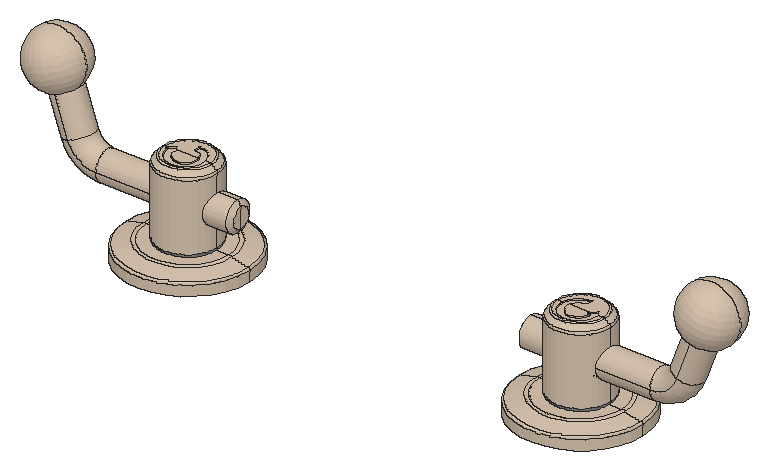
Revit family "Faucet-Wall_Mount-Handle-KALLISTA-Vice-P34872_1", category Plumbing Fixtures, host Face, Revit 2021
Family settings
  Host = Face
  Round Connector Dimension = Use Diameter
  Part Type = Normal
  OmniClass Number = 23.31.11.00
  OmniClass Title = Faucets
  Cut with Voids When Loaded = No
  Shared = No
  Room Calculation Point = No
Parameters (values of type "Brushed French Gold Accent, AF-French Gold")
  Width = 8"  # constant formula
  WaterSense Certified = 1 = 0  # no
  Waste Water Outlet = "Waste Water Outlet"  # constant formula
  Waste Connection = 1 = 0  # no
  Vent Connection = 1 = 0  # no
  URL = "https://www.kallista.com/"
  Type = 1
  Secondary Finish = Kallista-Plastic-BAF-Brushed_French_Gold
  Product Page URL = ""
  Product Name = "Vice"  # constant formula
  Product Documentation Link = ""
  Pressure = 0.00 psi  # constant formula
  Model = if(Type = 1, "P34872-BAF-AF", if(Type = 2, "P34872-BN-SN", if(Type = 3, "P34872-BV-CP", if(Type = 4, "P34872-CP-CP", if(Type = 5, "P34872-BN-BGP", "NA")))))  # "P34872-BAF-AF"
  Material = "Premium Metal Construction"  # constant formula
  Master Format 2014 Name = "Residential Faucets, Supplies, and Trim"  # constant formula
  Master Format 2014 = "22 41 39"  # constant formula
  Manufacturer Address = "444 Highland Dr, Kohler, WI 53044"  # constant formula
  Manufacturer = "Kallista Co."  # constant formula
  Length = 3.31496"  # constant formula
  Hot Water Inlet = "Hot Water Inlet"  # constant formula
  Height = 2.51969"  # constant formula
  Handle Clearance = 3.24409"  # constant formula
  HW Connection = 1 = 1  # yes
  Flow Rate = 0 GPM  # constant formula
  Finish = Kallista-Metal-AF-French_Gold
  Environmental Product Declaration = ""
  Drain Included = 1 = 1  # yes
  Description = "Wall Mount Bath Faucet, Handle Crank"  # constant formula
  Default Elevation = 36"
  Declare Label = ""
  Date Modified = "04/24/2024"  # constant formula
  Date Created = "04/24/2024"  # constant formula
  Copyright = "Copyright Kallista Co."  # constant formula
  Contact Us = "https://www.kallista.com/corporate/contact-us/"
  Cold Water Inlet = "Cold Water Inlet"  # constant formula
  CW Connection = 1 = 1  # yes
  Assembly Code = "D2010"
  ADA Compliant = 1 = 0  # no
Types (6): name | Type | Secondary Finish | Model | Finish
  (no name) | 1 | Kallista-Plastic-BAF-Brushed_French_Gold | "P34872-BAF-AF" | Kallista-Metal-AF-French_Gold
  Brushed French Gold Accent, AF-French Gold | 1 | Kallista-Plastic-BAF-Brushed_French_Gold | "P34872-BAF-AF" | Kallista-Metal-AF-French_Gold
  Vibrant Brushed Nickel Accent, SN-Polished Nickel | 2 | Kallista-Plastic-BN-Vibrant_Brushed_Nickel | "P34872-BN-SN" | Kallista-Metal-SN-Polished_Nickel
  Chrome Accent, CP-Chrome | 4 | Kallista-Plastic-CP-Chrome | "P34872-CP-CP" | Kallista-Metal-CP-Chrome
  Vibrant Brushed Nickel Accent, BGP | 5 | Kallista-Plastic-BN-Vibrant_Brushed_Nickel | "P34872-BN-BGP" | Kallista-Metal-BGP
  Brushed Bronze Accent, CP-Chrome | 3 | Kallista-Plastic-BV-Brushed_Bronze | "P34872-BV-CP" | Kallista-Metal-CP-Chrome
Reference planes (in)
  plane 1 "Center (Front/Back)": y = 0
  plane 2: z = 0
  plane 3 "Center (Left/Right)": x = 0
  plane 4: y = 1.12598
  plane 5: y = -1.12598
  plane 6: y = -0.55118
  plane 7: y = 0.55118
  plane 8: z = 2.51969
  plane 9: z = 0.3338
  plane 10: x = -4
  plane 11: x = 4
  plane 12: x = -5.12598
  plane 13: x = -2.87402
  plane 14: x = 2.87402
  plane 15: x = 5.12598
  plane 16: x = 5.47638
  plane 17: x = 5.72441
  plane 18: z = 2.08661
  plane 19: z = 1.53543
  plane 20: z = 1.14173
  plane 21: x = -7.24409
  plane 22: x = 7.24409
  plane 23: z = 3.31496
  plane 24: y = 1.25984
  plane 25: y = -1.25984
  plane 26: x = 2.74016
  plane 27: x = 5.25984
  plane 28: x = -5.25984
  plane 29: x = -2.74016
  plane 30: z = 0.80709
  plane 31: z = 1.40551
  plane 32: x = -4.59978
  plane 33: x = -3.40022
  plane 34: x = 4.59978
  plane 35: x = 3.40022
Dimensions and locks (in)
  equal spacing: plane 10, plane 3 "Center (Left/Right)", plane 11
  "Width": plane 10 to plane 11
  locked: plane 12 to plane 10 at 1.12598
  locked: plane 10 to plane 13 at 1.12598
  locked: plane 14 to plane 11 at 1.12598
  plane 11 to plane 15 = 1.12598"
  plane 11 to plane 16 = 1.47638"
  plane 4 to plane 5 = 2.25197"
  plane 18 to level = 2.08661"  (x2)
  plane 20 to level = 1.14173"  (x2)
  plane 21 to plane 10 = 3.24409"
  plane 11 to plane 22 = 3.24409"
  "Handle Clearance": plane 10 to plane 21
  "Handle Clearance": plane 22 to plane 11
  plane 28 to plane 10 to plane 29 = 1.25984", 1.25984"
  plane 26 to plane 11 to plane 27 = 1.25984", 1.25984"
  "Height": plane 25 to plane 24
  "Length": level to plane 23
  plane 21 to plane 29 = 4.50394"
  plane 26 to plane 22 = 4.50394"
  plane 23 to level = 3.31496"
  plane 31 to plane 30 = 0.59843"
  equal spacing: plane 32, nested 1, plane 33
  plane 32 to plane 33 = 1.19955"
  plane 34 to plane 35 = 1.19955"  (x2)
  equal spacing: plane 34, nested 2, plane 35
  aligned and locked: plane 2 to host face
  aligned and locked: level to host face
  aligned and locked: plane 10 to nested 1
  aligned and locked: plane 11 to nested 2
  aligned and locked: nested 2 to plane 1 "Center (Front/Back)"
Automatic sketch dimensions
  host sketch curve to host sketch curve = 96"  (x2)
Nested families (in)
  nested 1: "P34872" at (-4, 0, 0), type "P34872"
  nested 2: "P34872" at (4, 0, 0) x (-1, 0, 0) z (0, 0, 1), type "P34872"
Connectors (in)
  piping at (-4, 0, 0), diameter 0.75, driven by "Flow Rate", driven by "Pressure", driven by "HW Connection", driven by "Hot Water Inlet"
    settings: on nested 1, index 3, connector inside diameter 24", connector length 0", flow factor 0, pipe flow 0 GPM, pressure drop 0.00 psi, fitting loss kfactor 0, connector angle 0.00°, fixture units 0, engagement length 0", angle of deflection 0.00°, flow configuration 1, flow direction 1, fitting loss method 4, system type 19, joint type 0, gender type 0, connector reference index -1, connector utility 1, adjustable connector no, is connector primary yes, connector description "Hot Water Inlet"
  piping at (4, 0, 0), diameter 0.75, driven by "Flow Rate", driven by "Pressure", driven by "CW Connection", driven by "Cold Water Inlet"
    settings: on nested 2, index 4, connector inside diameter 24", connector length 0", flow factor 0, pipe flow 0 GPM, pressure drop 0.00 psi, fitting loss kfactor 0, connector angle 0.00°, fixture units 0, engagement length 0", angle of deflection 0.00°, flow configuration 1, flow direction 1, fitting loss method 4, system type 20, joint type 0, gender type 0, connector reference index -1, connector utility 1, adjustable connector no, is connector primary no, connector description "Cold Water Inlet"
Definition of nested family "P34872"
  Parameters (values of type "P34872")
    Secondary Finish = none
    Material = none
    Default Elevation = 0"
  Reference planes (in)
    plane 1 "Center (Front/Back)": y = 0
    plane 2: z = 0
    plane 3 "Center (Left/Right)": x = 0
    plane 4: x = -1.25984
    plane 5: y = 1.25984
    plane 6: x = -3.24409
    plane 7: z = 0.80709
    plane 8: z = 1.40551
    plane 9: z = 3.31496
    plane 10: z = 1.1063
    plane 11: y = -1.25984
    plane 12: x = 1.25984
  Forms (in)
    Revolve 1, solid, material <- "Material", detail levels medium+fine
      sketch origin (0, 0, 0) x (1, 0, 0) y (0, 0, 1)
        loop
          line (0, 1.88448) -> (-0.4605, 1.88448)
          arc (-0.4605, 1.88448) -> (-0.47748, 1.8811) -> (-0.49188, 1.87148) r 0.04438
          line (-0.49188, 1.87148) -> (-0.58127, 1.78208)
          arc (-0.58127, 1.78208) -> (-0.59556, 1.76069) -> (-0.60058, 1.73547) r 0.06593
          line (-0.60058, 1.73547) -> (-0.60058, 0.39039)
          arc (-0.60058, 0.39039) -> (-0.5914, 0.35768) -> (-0.56654, 0.33452) r 0.06286
          line (-0.56654, 0.33452) -> (-0.8298, 0.33452)
          arc (-0.8298, 0.33452) -> (-0.86754, 0.33222) -> (-0.90471, 0.32532) r 0.30968
          line (-0.90471, 0.32532) -> (-1.22576, 0.24528)
          arc (-1.22576, 0.24528) -> (-1.25031, 0.22934) -> (-1.25984, 0.20166) r 0.04496
          line (-1.25984, 0.20166) -> (-1.25984, 0) -> (0, 0) -> (0, 1.88448)
        axis (0, 0) -> (0, 1.88448)
      angle from 0 to 360
    Revolve 2, solid, material <- "Secondary Finish", detail levels medium+fine
      sketch origin (0, 0, 0) x (1, 0, 0) y (0, 0, 1)
        loop
          line (1.08422, 1.1063) -> (1.08422, 1.30315) -> (1.01255, 1.40551) -> (-0.32659, 1.40551) -> (-0.32659, 1.1063) -> (1.08422, 1.1063)
        axis (-0.32659, 1.1063) -> (1.08422, 1.1063)
      angle from 0 to 360
    Sweep 3, solid, material <- "Secondary Finish"
      path origin (0, 0, 0) x (1, 0, 0) y (0, 0, 1)
        loop
          line (-0.3937, 1.40551) -> (-1.64005, 1.40551)
          arc (-1.64005, 1.40551) -> (-1.80952, 1.45894) -> (-1.91769, 1.59991) r 0.29545
          line (-1.91769, 1.59991) -> (-2.22994, 2.45782)
      profile origin (-1.01688, 0, 1.40551) x (0, 0, -1) y (0, -1, 0)
        loop
          circle (0.29921, 0) r 0.29921
    Revolve 4, solid, material <- "Secondary Finish"
      sketch origin (0, 0, 0) x (1, 0, 0) y (0, 0, 1)
        loop
          arc (-2.46368, 2.16165) -> (-2.09723, 2.9123) -> (-2.84787, 3.27875) r 0.59066
          line (-2.84787, 3.27875) -> (-2.46368, 2.16165)
        axis (-2.46368, 2.16165) -> (-2.84787, 3.27875)
      angle from 0 to 360
    Revolve 5, solid, material <- "Material", detail levels coarse
      sketch origin (0, 0, 0) x (1, 0, 0) y (0, 0, 1)
        loop
          line (0, 1.88448) -> (-0.60058, 1.88448) -> (-0.60058, 0.33452) -> (-0.86782, 0.33452) -> (-1.25984, 0.23678) -> (-1.25984, 0) -> (0, 0) -> (0, 1.88448)
        axis (0, 0) -> (0, 1.88448)
      angle from 0 to 360
    Revolve 6, solid, material <- "Secondary Finish", detail levels coarse
      sketch origin (0, 0, 0) x (1, 0, 0) y (0, 0, 1)
        loop
          line (1.08422, 1.1063) -> (1.08422, 1.40551) -> (-0.32659, 1.40551) -> (-0.32659, 1.1063) -> (1.08422, 1.1063)
        axis (-0.32659, 1.1063) -> (1.08422, 1.1063)
      angle from 0 to 360
    Sweep 7, solid, material <- "Secondary Finish", detail levels coarse
      path origin (0, 0, 0) x (1, 0, 0) y (0, 0, 1)
        loop
          line (-0.3937, 1.40551) -> (-1.64005, 1.40551)
          arc (-1.64005, 1.40551) -> (-1.80952, 1.45894) -> (-1.91769, 1.59991) r 0.29545
          line (-1.91769, 1.59991) -> (-2.22994, 2.45782)
      profile origin (-1.01688, 0, 1.40551) x (0, 0, -1) y (0, -1, 0)
        loop
          circle (0.29921, 0) r 0.29921
    Revolve 8, solid, material <- "Secondary Finish", detail levels coarse
      sketch origin (0, 0, 0) x (1, 0, 0) y (0, 0, 1)
        loop
          arc (-2.46368, 2.16165) -> (-2.09723, 2.9123) -> (-2.84787, 3.27875) r 0.59066
          line (-2.84787, 3.27875) -> (-2.46368, 2.16165)
        axis (-2.46368, 2.16165) -> (-2.84787, 3.27875)
      angle from 0 to 360
    Extrusion 9, void
      sketch origin (-1.98687, -1.47638, 0) x (1, 0, 0) y (0, 1, 0)
        loop
          arc (1.58268, 1.43336) -> (1.58272, 1.41813) -> (1.59739, 1.41405) r 0.01261
          arc (1.59739, 1.41405) -> (1.61344, 1.41249) -> (1.62152, 1.39854) r 0.01764
          arc (1.62152, 1.39854) -> (2.24262, 1.15812) -> (2.00652, 1.78088) r 0.36463
          arc (2.00652, 1.78088) -> (1.99153, 1.77541) -> (1.98521, 1.76075) r 0.02016
          line (1.98521, 1.76075) -> (1.98521, 1.66402)
          arc (1.98521, 1.66402) -> (1.99072, 1.64987) -> (2.00436, 1.64318) r 0.02092
          arc (2.00436, 1.64318) -> (2.14438, 1.25506) -> (1.75867, 1.40159) r 0.22704
          arc (1.75867, 1.40159) -> (1.7652, 1.41527) -> (1.78028, 1.41677) r 0.01544
          arc (1.78028, 1.41677) -> (1.79449, 1.42031) -> (1.79466, 1.43496) r 0.01198
          line (1.79466, 1.43496) -> (1.70357, 1.55585)
          arc (1.70357, 1.55585) -> (1.68928, 1.56297) -> (1.67498, 1.55585) r 0.0179
          line (1.67498, 1.55585) -> (1.58268, 1.43336)
      from 1.86604 to 9.84252
  Cuts and joins
    Extrusion 9 cuts Revolve 1
  Lines and regions (in)
    Masking region 1
      outline origin (0, 0, 0) x (1, 0, 0) y (0, 1, 0)
        loop
          line (-1.22388, 0.29885) -> (-2.1571, 0.29885)
          arc (-2.1571, 0.29885) -> (-2.81718, 0.57347) -> (-3.24409, 0) r 0.58111
          arc (-3.24409, 0) -> (-2.81718, -0.57347) -> (-2.1571, -0.29885) r 0.58111
          line (-2.1571, -0.29885) -> (-1.22388, -0.29885)
          arc (-1.22388, -0.29885) -> (-0.77922, -0.98996) -> (-0.00299, -1.25984) r 1.25984
          arc (-0.00299, -1.25984) -> (0.8883, -0.89338) -> (1.25984, -0.0042) r 1.25984
          arc (1.25984, -0.0042) -> (0.89405, 0.88763) -> (0.00487, 1.25983) r 1.25984
          arc (0.00487, 1.25983) -> (-0.77613, 0.99239) -> (-1.22388, 0.29885) r 1.25984
    Masking region 2
      outline origin (0, 0, 0) x (1, 0, 0) y (0, 0, 1)
        loop
          line (0, 0) -> (1.25984, 0) -> (1.25984, 0.19464)
          arc (1.25984, 0.19464) -> (1.24714, 0.23154) -> (1.21441, 0.25279) r 0.05993
          line (1.21441, 0.25279) -> (0.92545, 0.32484)
          arc (0.92545, 0.32484) -> (0.88572, 0.3322) -> (0.84539, 0.33467) r 0.33094
          line (0.84539, 0.33467) -> (0.57673, 0.33467)
          arc (0.57673, 0.33467) -> (0.59357, 0.35045) -> (0.59978, 0.37266) r 0.04285
          line (0.59978, 0.37266) -> (0.59978, 0.80709) -> (0.98342, 0.80709)
          arc (0.98342, 0.80709) -> (1.00164, 0.81128) -> (1.0162, 0.823) r 0.0417
          line (1.0162, 0.823) -> (1.07076, 0.89234)
          arc (1.07076, 0.89234) -> (1.08076, 0.91065) -> (1.08422, 0.93122) r 0.06287
          line (1.08422, 0.93122) -> (1.08422, 1.1063) -> (1.08422, 1.28138)
          arc (1.08422, 1.28138) -> (1.08076, 1.30195) -> (1.07076, 1.32026) r 0.06287
          line (1.07076, 1.32026) -> (1.0162, 1.3896)
          arc (1.0162, 1.3896) -> (1.00164, 1.40132) -> (0.98342, 1.40551) r 0.0417
          line (0.98342, 1.40551) -> (0.59978, 1.40551) -> (0.59978, 1.74262)
          arc (0.59978, 1.74262) -> (0.59648, 1.75919) -> (0.58709, 1.77325) r 0.04332
          line (0.58709, 1.77325) -> (0.47944, 1.88089)
          arc (0.47944, 1.88089) -> (0.46406, 1.89117) -> (0.44592, 1.89478) r 0.04742
          line (0.44592, 1.89478) -> (0, 1.89478) -> (-0.44592, 1.89478)
          arc (-0.44592, 1.89478) -> (-0.46406, 1.89117) -> (-0.47944, 1.88089) r 0.04742
          line (-0.47944, 1.88089) -> (-0.58709, 1.77325)
          arc (-0.58709, 1.77325) -> (-0.59648, 1.75919) -> (-0.59978, 1.74262) r 0.04332
          line (-0.59978, 1.74262) -> (-0.59978, 1.40551) -> (-1.62105, 1.40551)
          arc (-1.62105, 1.40551) -> (-1.80694, 1.46412) -> (-1.9256, 1.61875) r 0.32409
          line (-1.9256, 1.61875) -> (-2.18394, 2.32856)
          arc (-2.18394, 2.32856) -> (-2.84311, 3.28103) -> (-2.76004, 2.12569) r 0.6004
          line (-2.76004, 2.12569) -> (-2.49795, 1.40561)
          arc (-2.49795, 1.40561) -> (-2.16492, 0.97159) -> (-1.64317, 0.80709) r 0.90964
          line (-1.64317, 0.80709) -> (-0.59978, 0.80709) -> (-0.59978, 0.37266)
          arc (-0.59978, 0.37266) -> (-0.59357, 0.35045) -> (-0.57673, 0.33467) r 0.04285
          line (-0.57673, 0.33467) -> (-0.84539, 0.33467)
          arc (-0.84539, 0.33467) -> (-0.88572, 0.3322) -> (-0.92545, 0.32484) r 0.33094
          line (-0.92545, 0.32484) -> (-1.21441, 0.25279)
          arc (-1.21441, 0.25279) -> (-1.24714, 0.23154) -> (-1.25984, 0.19464) r 0.05993
          line (-1.25984, 0.19464) -> (-1.25984, 0) -> (0, 0)
    Masking region 3
      outline origin (0, 0, 0) x (0, 1, 0) y (0, 0, 1)
        loop
          line (0, 0) -> (1.25984, 0) -> (1.25984, 0.19645)
          arc (1.25984, 0.19645) -> (1.24804, 0.23073) -> (1.21764, 0.25047) r 0.05567
          line (1.21764, 0.25047) -> (0.92265, 0.32402)
          arc (0.92265, 0.32402) -> (0.8802, 0.33189) -> (0.8371, 0.33452) r 0.35362
          line (0.8371, 0.33452) -> (0.56654, 0.33452)
          arc (0.56654, 0.33452) -> (0.59122, 0.35799) -> (0.6003, 0.3908) r 0.06379
          line (0.6003, 0.3908) -> (0.6003, 1.73988)
          arc (0.6003, 1.73988) -> (0.59599, 1.76157) -> (0.5837, 1.77996) r 0.05669
          line (0.5837, 1.77996) -> (0.49184, 1.87182)
          arc (0.49184, 1.87182) -> (0.47618, 1.88229) -> (0.4577, 1.88596) r 0.04828
          line (0.4577, 1.88596) -> (0.29932, 1.88596) -> (0.29932, 2.21533)
          arc (0.29932, 2.21533) -> (0.56982, 2.87951) -> (0, 3.31496) r 0.59055
          arc (0, 3.31496) -> (-0.56982, 2.87951) -> (-0.29932, 2.21533) r 0.59055
          line (-0.29932, 2.21533) -> (-0.29932, 1.88596) -> (-0.4577, 1.88596)
          arc (-0.4577, 1.88596) -> (-0.47618, 1.88229) -> (-0.49184, 1.87182) r 0.04828
          line (-0.49184, 1.87182) -> (-0.5837, 1.77996)
          arc (-0.5837, 1.77996) -> (-0.59599, 1.76157) -> (-0.6003, 1.73988) r 0.05669
          line (-0.6003, 1.73988) -> (-0.6003, 0.3908)
          arc (-0.6003, 0.3908) -> (-0.59122, 0.35799) -> (-0.56654, 0.33452) r 0.06379
          line (-0.56654, 0.33452) -> (-0.8371, 0.33452)
          arc (-0.8371, 0.33452) -> (-0.8802, 0.33189) -> (-0.92265, 0.32402) r 0.35362
          line (-0.92265, 0.32402) -> (-1.21764, 0.25047)
          arc (-1.21764, 0.25047) -> (-1.24804, 0.23073) -> (-1.25984, 0.19645) r 0.05567
          line (-1.25984, 0.19645) -> (-1.25984, 0) -> (0, 0)
    symbolic lines, detail levels medium+fine
      curve 1: arc (-2.1571, -0.29885, 0) -> (-2.06988, 0, 0) -> (-2.1571, 0.29885, 0) r 0.55555
      curve 2: circle (0, 0, 0) r 0.59055 normal (0, 0, 1)
      curve 3: circle (0, 0, 0) r 0.4945 normal (0, 0, 1)
      curve 4: line (-1.22388, 0.29885, 0) -> (-0.50935, 0.29885, 0)
      curve 5: line (-1.22388, -0.29885, 0) -> (-0.50935, -0.29885, 0)
      curve 6: line (0.50935, 0.29885, 0) -> (1.00217, 0.29885, 0)
      curve 7: line (1.08422, 0, 0) -> (1.08422, 0.18247, 0)
      curve 8: line (1.07597, 0.20863, 0) -> (1.0189, 0.29014, 0)
      curve 9: arc (1.00217, 0.29885, 0) -> (1.0116, 0.29654, 0) -> (1.0189, 0.29014, 0) r 0.02042
      curve 10: arc (1.08422, 0.18247, 0) -> (1.08211, 0.19619, 0) -> (1.07597, 0.20863, 0) r 0.0456
      curve 11: line (0.50935, -0.29885, 0) -> (1.00217, -0.29885, 0)
      curve 12: line (1.08422, 0, 0) -> (1.08422, -0.18247, 0)
      curve 13: line (1.07597, -0.20863, 0) -> (1.0189, -0.29014, 0)
      curve 14: arc (1.00217, -0.29885, 0) -> (1.0116, -0.29654, 0) -> (1.0189, -0.29014, 0) r 0.02042
      curve 15: arc (1.08422, -0.18247, 0) -> (1.08211, -0.19619, 0) -> (1.07597, -0.20863, 0) r 0.0456
      curve 16: arc (-2.1571, 0.29885, 0) -> (-1.85826, 0, 0) -> (-2.1571, -0.29885, 0) r 0.29885
      curve 17: line (1.00217, -0.29885, 0) -> (1.00217, 0.29885, 0)
      curve 18: line (1.07597, -0.20863, 0) -> (1.07597, 0.20863, 0)
      curve 19: line (1.0189, 0.29014, 0) -> (1.0189, -0.29014, 0)
      curve 20: line (-0.57673, 0, 0.33467) -> (0.57673, 0, 0.33467)
      curve 21: line (-1.25984, 0, 0.19464) -> (1.25984, 0, 0.19464)
      curve 22: line (-1.21441, 0, 0.25279) -> (1.21441, 0, 0.25279)
      curve 23: line (-0.59978, 0, 1.74262) -> (0.59978, 0, 1.74262)
      curve 24: line (-0.58709, 0, 1.77325) -> (0.59401, 0, 1.77325)
      curve 25: line (-0.47944, 0, 1.88089) -> (0.47944, 0, 1.88089)
      curve 26: line (-2.76004, 0, 2.12569) -> (-2.17594, 0, 2.33828)
      curve 27: arc (-0.59978, 0, 0.80709) -> (-0.53328, 0, 1.1063) -> (-0.59978, 0, 1.40551) r 0.70642
      curve 28: arc (0.59978, 0, 1.40551) -> (0.53174, 0, 1.1063) -> (0.59978, 0, 0.80709) r 0.69193
      curve 29: line (0, 1.25984, 0.19645) -> (0, -1.25984, 0.19645)
      curve 30: line (0, -1.21764, 0.25047) -> (0, 1.21764, 0.25047)
      curve 31: line (0, 0.56654, 0.33452) -> (0, -0.56654, 0.33452)
      curve 32: line (0, 0.29932, 1.87182) -> (0, 0.29932, 1.1063)
      curve 33: line (0, -0.29932, 1.88596) -> (0, -0.29932, 1.1063)
      curve 34: line (0, 0.6003, 1.73988) -> (0, 0.29932, 1.73988)
      curve 35: line (0, 0.49184, 1.87182) -> (0, 0.29932, 1.87182)
      curve 36: line (0, 0.5837, 1.77996) -> (0, 0.29932, 1.77996)
      curve 37: line (0, 0.29932, 1.87182) -> (0, 0.29932, 1.93585)
      curve 38: line (0, -0.6003, 1.73988) -> (0, -0.29932, 1.73988)
      curve 39: line (0, -0.49184, 1.87182) -> (0, -0.29932, 1.87182)
      curve 40: line (0, -0.5837, 1.77996) -> (0, -0.29932, 1.77996)
      curve 41: arc (0, 0.29932, 2.21533) -> (0, 0, 2.13744) -> (0, -0.29932, 2.21533) r 0.61407
      curve 42: arc (0, 0.29932, 2.21533) -> (0, 0, 2.09851) -> (0, -0.29932, 2.21533) r 0.44186
      curve 43: arc (0, 0.29932, 1.1063) -> (0, 0, 0.80698) -> (0, -0.29932, 1.1063) r 0.29932
      curve 44: arc (0, -0.29932, 1.20349) -> (0, 0, 0.7916) -> (0, 0.29932, 1.20349) r 0.3147
      curve 45: arc (-0.6994, -0.29885, 0) -> (0, -0.76057, 0) -> (0.6994, -0.29885, 0) r 0.76057
      curve 46: arc (-0.67037, -0.29885, 0) -> (0, -0.73396, 0) -> (0.67037, -0.29885, 0) r 0.73396
      curve 47: arc (-1.05504, -0.29885, 0) -> (1.10697, 0, 0) -> (-1.05504, 0.29885, 0) r 1.10166
      curve 48: arc (-1.0856, -0.29885, 0) -> (1.12598, 0, 0) -> (-1.0856, 0.29885, 0) r 1.12598
      curve 49: arc (0.67037, 0.29885, 0) -> (0, 0.73396, 0) -> (-0.67037, 0.29885, 0) r 0.73396
      curve 50: arc (0.6994, 0.29885, 0) -> (0, 0.76057, 0) -> (-0.6994, 0.29885, 0) r 0.76057
      curve 51: arc (0.0175, 0.1668, 0) -> (0.15751, -0.22132, 0) -> (-0.2282, -0.07479, 0) r 0.22704
      curve 52: arc (-0.36535, -0.07784, 0) -> (0.25575, -0.31826, 0) -> (0.01965, 0.3045, 0) r 0.36463
      curve 53: arc (-0.38947, -0.06232, 0) -> (-0.37343, -0.06389, 0) -> (-0.36535, -0.07784, 0) r 0.01764
      curve 54: arc (-0.40418, -0.04302, 0) -> (-0.40414, -0.05824, 0) -> (-0.38947, -0.06232, 0) r 0.01261
      curve 55: line (-0.31188, 0.07947, 0) -> (-0.40418, -0.04302, 0)
      curve 56: arc (-0.2833, 0.07947, 0) -> (-0.29759, 0.08659, 0) -> (-0.31188, 0.07947, 0) r 0.0179
      curve 57: line (-0.1922, -0.04142, 0) -> (-0.2833, 0.07947, 0)
      curve 58: arc (-0.20658, -0.0596, 0) -> (-0.19237, -0.05606, 0) -> (-0.1922, -0.04142, 0) r 0.01198
      curve 59: arc (-0.2282, -0.07479, 0) -> (-0.22167, -0.06111, 0) -> (-0.20658, -0.0596, 0) r 0.01544
      curve 60: arc (0.01965, 0.3045, 0) -> (0.00466, 0.29903, 0) -> (-0.00166, 0.28437, 0) r 0.02016
      curve 61: line (-0.00166, 0.28437, 0) -> (-0.00166, 0.18764, 0)
      curve 62: arc (-0.00166, 0.18764, 0) -> (0.00386, 0.17349, 0) -> (0.0175, 0.1668, 0) r 0.02092
      curve 63: line (0.98342, 0, 0.80709) -> (0.98342, 0, 1.40551)
      curve 64: line (1.0162, 0, 0.823) -> (1.0162, 0, 1.3896)
      curve 65: line (1.07076, 0, 0.89234) -> (1.07076, 0, 1.32026)
  Dimensions and locks (in)
    plane 6 to plane 3 "Center (Left/Right)" = 3.24409"
    plane 8 to plane 7 = 0.59843"
    plane 1 "Center (Front/Back)" to plane 5 = 1.25984"
    plane 4 to plane 3 "Center (Left/Right)" = 1.25984"
    aligned and locked: plane 2 to level
